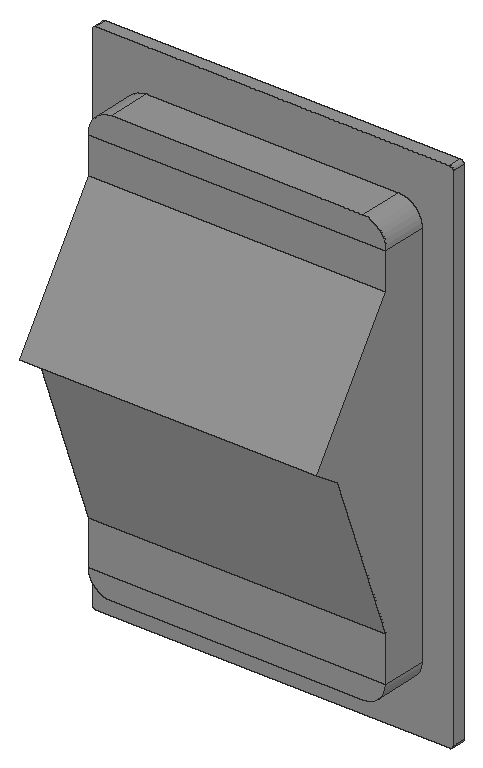
Revit family "L&L_LUCE&LIGHT_PASITO_MINI_1.1", category Lighting Fixtures, host Wall, Revit 2018 (continued)
Types (2, lengths in mm): name | built-in parameter 1150142 | Photometric Web File
    1 17.57 17.54 \r\n17.51 17.48 17.45 17.42 17.38 17.33 17.27 17.21 17.14 \r\n17.07 17.00 16.94 16.89 16.82 16.70 16.51 16.28 16.02 \r\n15.75 15.48 15.20 14.91 14.60 14.29 13.99 13.66 13.32 \r\n12.99 12.67 12.32 11.95 11.62 11.26 10.90 10.56 10.23 \r\n9.89 9.55 9.21 8.87 8.55 8.22 7.89 7.57 7.26 6.95 6.61 \r\n6.30 6.01 5.71 5.40 5.09 4.81 4.51 4.23 3.95 3.68 3.41 \r\n3.17 2.93 2.69 2.45 2.22 2.02 1.83 1.63 1.45 1.28 1.12 \r\n0.97 0.83 0.69 0.56 0.46 0.34 0.24 0.14 0.06 0.02 0.02 \r\n0.03 0.15 0.80 1.72 2.35 2.61 2.85 3.21 3.62 4.08 4.64 \r\n5.30 5.94 6.81 7.72 8.86 19.25 37.49 49.24 51.38 53.23 \r\n55.29 57.53 58.82 59.55 59.51 59.05 59.41 60.62 61.65 \r\n62.28 62.86 63.63 64.76 66.00 67.22 68.41 69.60 70.43 \r\n71.34 72.64 73.85 75.11 76.44 77.59 78.60 79.66 80.64 \r\n81.43 82.16 82.71 83.21 83.69 84.15 84.65 85.20 85.71 \r\n85.96 86.07 86.18 86.55 87.30 88.23 89.05 89.73 90.32 \r\n90.75 91.11 91.47 91.86 92.36 92.94 92.39 90.76 85.53 \r\n76.91 66.50 55.41 43.96 33.13 24.76 20.10 18.27 17.89 \r\n17.77 17.67 17.62 17.60 17.58 17.56 17.53 17.51 17.49 \r\n17.48 17.46 17.45 17.43 17.41 17.39 17.37 17.36 17.35 \r\n17.35 17.34 17.32 17.29 17.26 17.21 17.16 17.11 17.05 \r\n16.99 16.93 16.88 16.84 16.78 16.68 16.51 16.27 16.02 \r\n15.77 15.51 15.22 14.93 14.63 14.33 14.01 13.69 13.37 \r\n13.05 12.72 12.38 12.03 11.67 11.32 10.97 10.61 10.28 \r\n9.94 9.59 9.26 8.91 8.58 8.25 7.92 7.58 7.25 6.95 6.62 \r\n6.29 5.98 5.68 5.38 5.07 4.77 4.47 4.17 3.90 3.62 3.34 \r\n3.08 2.85 2.61 2.36 2.13 1.93 1.73 1.54 1.36 1.19 1.03 \r\n0.88 0.73 0.60 0.48 0.36 0.25 0.16 0.07 0.02 0.02 \r\n0.03 0.15 0.86 1.81 2.40 2.64 2.91 3.29 3.73 4.22 4.83 \r\n5.48 6.19 7.11 8.30 14.96 32.22 46.95 50.57 52.27 54.11 \r\n56.37 57.68 58.35 58.22 57.68 57.98 59.03 59.88 60.30 \r\n60.76 61.37 62.25 63.19 64.19 65.26 66.16 66.66 67.58 \r\n68.65 69.62 70.66 71.76 72.78 73.69 74.48 75.18 75.91 \r\n76.62 77.28 77.90 78.46 78.98 79.52 79.99 80.30 80.47 \r\n80.49 80.62 80.92 81.17 81.49 81.85 82.28 82.79 83.31 \r\n83.86 84.39 84.87 85.20 85.43 85.27 83.62 80.15 72.92 \r\n63.70 54.00 44.13 34.35 25.99 20.48 17.96 17.28 17.18 \r\n17.17 17.14 17.12 17.11 17.10 17.10 17.09 17.09 17.08 \r\n17.08 17.09 17.09 17.08 17.07 17.07 17.07 17.09 17.10 \r\n17.11 17.10 17.08 17.06 17.03 17.00 16.97 16.94 16.90 \r\n16.85 16.80 16.76 16.72 16.69 16.64 16.54 16.37 16.14 \r\n15.89 15.64 15.37 15.11 14.82 14.52 14.23 13.91 13.60 \r\n13.29 12.96 12.64 12.30 11.95 11.62 11.26 10.91 10.56 \r\n10.20 9.85 9.50 9.18 8.84 8.50 8.16 7.84 7.51 7.17 6.86 \r\n6.54 6.20 5.89 5.58 5.26 4.96 4.66 4.35 4.05 3.78 3.50 \r\n3.22 2.96 2.72 2.47 2.23 2.01 1.81 1.62 1.42 1.24 1.08 \r\n0.92 0.77 0.63 0.50 0.38 0.27 0.17 0.07 0.02 0.02 \r\n0.03 0.15 0.92 1.89 2.43 2.67 2.96 3.36 3.80 4.33 4.96 \r\n5.62 6.44 7.41 9.86 21.95 42.16 49.33 51.22 52.76 54.90 \r\n56.49 57.19 57.16 56.56 56.59 57.47 58.29 58.73 59.13 \r\n59.48 60.17 60.78 61.53 62.29 62.87 63.33 64.03 64.88 \r\n65.64 66.47 67.23 68.01 68.72 69.35 69.95 70.60 71.18 \r\n71.65 72.09 72.51 72.98 73.53 74.09 74.49 74.78 75.04 \r\n75.25 75.61 76.11 76.43 76.49 76.44 76.57 76.96 77.45 \r\n77.89 78.35 78.58 78.57 78.55 78.06 75.83 70.30 62.12 \r\n53.60 45.03 36.17 27.26 20.34 17.35 16.78 16.63 16.55 \r\n16.54 16.55 16.54 16.55 16.55 16.56 16.57 16.58 16.59 \r\n16.60 16.61 16.63 16.63 16.63 16.65 16.67 16.69 16.70 \r\n16.70 16.69 16.69 16.68 16.68 16.67 16.65 16.64 16.61 \r\n16.58 16.54 16.51 16.48 16.46 16.43 16.39 16.29 16.10 \r\n15.87 15.62 15.38 15.12 14.84 14.57 14.29 14.00 13.68 \r\n13.36 13.07 12.74 12.41 12.10 11.75 11.41 11.06 10.72 \r\n10.36 10.02 9.69 9.33 9.00 8.66 8.32 7.99 7.66 7.34 7.00 \r\n6.67 6.36 6.02 5.72 5.40 5.07 4.77 4.47 4.17 3.87 3.59 \r\n3.32 3.05 2.80 2.56 2.31 2.08 1.86 1.67 1.48 1.29 1.12 \r\n0.95 0.80 0.65 0.52 0.40 0.28 0.18 0.08 0.02 0.02 \r\n0.03 0.15 0.95 1.95 2.46 2.69 2.99 3.41 3.87 4.42 5.05 \r\n5.74 6.58 7.77 12.96 29.24 45.93 50.05 51.57 53.30 55.30 \r\n56.28 56.42 55.91 55.47 55.99 56.80 57.27 57.69 57.90 \r\n58.36 58.83 59.28 59.73 60.13 60.32 60.62 61.14 61.68 \r\n62.19 62.68 63.21 63.66 64.00 64.28 64.47 64.72 65.07 \r\n65.37 65.66 65.93 66.25 66.58 66.75 67.01 67.49 67.86 \r\n68.18 68.62 68.98 69.17 69.33 69.58 69.98 70.28 70.49 \r\n70.89 71.29 71.67 71.85 71.65 71.03 68.07 61.76 54.32 \r\n46.62 38.60 30.40 22.92 17.93 16.42 15.98 15.85 15.87 \r\n15.88 15.89 15.91 15.92 15.93 15.95 15.97 15.98 15.99 \r\n16.01 16.03 16.06 16.08 16.09 16.13 16.15 16.16 16.16 \r\n16.17 16.19 16.20 16.20 16.20 16.21 16.21 16.21 16.21 \r\n16.19 16.16 16.14 16.12 16.11 16.09 16.08 16.04 15.91 \r\n15.69 15.46 15.23 14.98 14.72 14.47 14.19 13.90 13.62 \r\n13.31 13.02 12.72 12.38 12.09 11.75 11.42 11.11 10.74 \r\n10.42 10.07 9.73 9.40 9.06 8.72 8.37 8.04 7.71 7.40 7.06 \r\n6.74 6.39 6.08 5.75 5.45 5.15 4.83 4.53 4.24 3.93 3.65 \r\n3.38 3.11 2.86 2.61 2.36 2.13 1.90 1.70 1.52 1.32 1.14 \r\n0.97 0.81 0.67 0.53 0.41 0.29 0.18 0.08 0.02 0.02 \r\n0.03 0.15 0.97 1.99 2.48 2.69 3.01 3.44 3.90 4.46 5.10 \r\n5.83 6.61 7.85 14.21 33.36 47.05 50.48 51.93 53.83 55.59 \r\n56.23 56.02 55.31 55.15 55.76 56.32 56.70 56.97 57.14 \r\n57.52 57.84 58.01 58.26 58.27 58.09 58.27 58.43 58.60 \r\n58.73 58.80 58.84 58.82 58.80 58.63 58.46 58.40 58.25 \r\n58.20 58.15 58.14 58.28 58.33 58.32 58.40 58.60 58.65 \r\n58.78 58.99 59.07 59.14 59.28 59.50 59.81 60.16 60.48 \r\n60.85 61.12 61.34 61.68 61.42 60.82 57.76 51.89 45.43 \r\n38.97 32.50 25.77 19.66 16.18 15.42 15.13 15.13 15.13 \r\n15.15 15.17 15.19 15.21 15.22 15.24 15.26 15.28 15.29 \r\n15.32 15.34 15.37 15.40 15.43 15.47 15.48 15.50 15.52 \r\n15.54 15.57 15.59 15.61 15.62 15.64 15.66 15.67 15.68 \r\n15.67 15.66 15.65 15.64 15.64 15.64 15.64 15.63 15.56 \r\n15.39 15.16 14.94 14.71 14.46 14.21 13.96 13.68 13.42 \r\n13.13 12.82 12.56 12.24 11.95 11.65 11.30 11.00 10.66 \r\n10.34 10.01 9.65 9.34 9.00 8.68 8.34 8.01 7.68 7.36 7.05 \r\n6.73 6.41 6.08 5.78 5.47 5.17 4.88 4.57 4.28 3.98 3.70 \r\n3.42 3.15 2.90 2.64 2.39 2.17 1.93 1.73 1.54 1.35 1.16 \r\n0.99 0.83 0.68 0.54 0.42 0.30 0.19 0.08 0.02 0.02 \r\n0.03 0.14 0.98 2.00 2.48 2.69 3.01 3.44 3.91 4.46 5.10 \r\n5.85 6.60 7.78 13.21 35.08 47.63 50.75 52.28 54.23 56.04 \r\n56.54 56.25 55.44 55.49 56.06 56.51 56.89 57.13 57.27 \r\n57.59 57.80 57.80 57.98 57.53 57.38 57.28 57.11 56.98 \r\n56.69 56.26 55.75 55.27 54.81 54.28 53.67 52.99 52.43 \r\n51.88 51.24 50.72 50.38 49.92 49.31 48.90 48.43 48.04 \r\n47.90 47.91 47.99 48.09 48.24 48.48 48.85 49.26 49.73 \r\n50.20 50.47 50.75 51.04 50.96 50.37 47.71 42.86 37.65 \r\n32.36 27.32 22.28 17.69 15.09 14.48 14.33 14.35 14.35 \r\n14.38 14.40 14.42 14.44 14.46 14.47 14.50 14.51 14.53 \r\n14.56 14.59 14.62 14.66 14.69 14.71 14.74 14.77 14.79 \r\n14.83 14.87 14.90 14.94 14.97 14.99 15.01 15.04 15.07 \r\n15.09 15.10 15.10 15.11 15.11 15.11 15.12 15.13 15.11 \r\n14.99 14.78 14.57 14.38 14.15 13.91 13.69 13.44 13.18 \r\n12.93 12.64 12.37 12.09 11.80 11.52 11.20 10.90 10.60 \r\n10.24 9.97 9.62 9.30 8.97 8.66 8.36 8.01 7.71 7.37 7.08 \r\n6.76 6.45 6.14 5.80 5.51 5.19 4.91 4.62 4.30 4.01 3.73 \r\n3.45 3.18 2.92 2.67 2.40 2.18 1.95 1.74 1.56 1.36 1.18 \r\n1.00 0.83 0.69 0.54 0.42 0.30 0.19 0.08 0.02 0.02 \r\n0.03 0.14 0.97 2.00 2.48 2.68 2.99 3.43 3.89 4.42 5.05 \r\n5.80 6.52 7.60 10.82 34.20 47.64 50.87 52.52 54.41 56.54 \r\n57.08 56.89 55.97 56.08 56.62 57.10 57.54 57.88 57.99 \r\n58.25 58.57 58.49 58.69 58.18 58.01 57.84 57.56 57.36 \r\n57.08 56.60 56.02 55.39 54.90 54.03 52.98 52.06 51.28 \r\n50.67 49.85 48.76 47.62 46.85 46.24 45.85 45.82 45.40 \r\n45.06 44.76 44.55 44.77 45.11 45.08 45.15 45.34 45.47 \r\n45.67 45.87 46.05 46.42 46.79 46.81 45.46 41.08 36.45 \r\n31.48 27.30 22.58 18.37 15.28 14.56 14.26 14.26 14.28 \r\n14.30 14.33 14.35 14.37 14.39 14.42 14.33 14.53 14.57 \r\n14.60 14.64 14.68 14.72 14.75 14.78 14.81 14.84 14.88 \r\n14.92 14.96 15.00 15.04 15.07 15.11 15.15 15.17 15.20 \r\n15.22 15.22 15.24 15.25 15.27 15.29 15.31 15.33 15.30 \r\n15.14 14.92 14.72 14.52 14.26 14.05 13.82 13.54 13.29 \r\n13.04 12.72 12.48 12.20 11.88 11.64 11.26 11.00 10.66 \r\n10.33 10.06 9.66 9.42 9.01 8.74 8.41 8.06 7.74 7.43 7.12 \r\n6.82 6.48 6.19 5.82 5.54 5.21 4.92 4.64 4.32 4.02 3.75 \r\n3.47 3.19 2.93 2.68 2.40 2.19 1.96 1.74 1.56 1.36 1.18 \r\n1.01 0.83 0.69 0.54 0.43 0.30 0.19 0.08 0.02 0.02 \r\n0.03 0.14 0.98 2.00 2.48 2.69 3.01 3.44 3.91 4.46 5.10 \r\n5.85 6.60 7.78 13.21 35.08 47.63 50.75 52.28 54.23 56.04 \r\n56.54 56.25 55.44 55.49 56.06 56.51 56.89 57.13 57.27 \r\n57.59 57.80 57.80 57.98 57.53 57.38 57.28 57.11 56.98 \r\n56.69 56.26 55.75 55.27 54.81 54.28 53.67 52.99 52.43 \r\n51.88 51.24 50.72 50.38 49.92 49.31 48.90 48.43 48.04 \r\n47.90 47.91 47.99 48.09 48.24 48.48 48.85 49.26 49.73 \r\n50.20 50.47 50.75 51.04 50.96 50.37 47.71 42.86 37.65 \r\n32.36 27.32 22.28 17.69 15.09 14.48 14.33 14.35 14.35 \r\n14.38 14.40 14.42 14.44 14.46 14.47 14.50 14.51 14.53 \r\n14.56 14.59 14.62 14.66 14.69 14.71 14.74 14.77 14.79 \r\n14.83 14.87 14.90 14.94 14.97 14.99 15.01 15.04 15.07 \r\n15.09 15.10 15.10 15.11 15.11 15.11 15.12 15.13 15.11 \r\n14.99 14.78 14.57 14.38 14.15 13.91 13.69 13.44 13.18 \r\n12.93 12.64 12.37 12.09 11.80 11.52 11.20 10.90 10.60 \r\n10.24 9.97 9.62 9.30 8.97 8.66 8.36 8.01 7.71 7.37 7.08 \r\n6.76 6.45 6.14 5.80 5.51 5.19 4.91 4.62 4.30 4.01 3.73 \r\n3.45 3.18 2.92 2.67 2.40 2.18 1.95 1.74 1.56 1.36 1.18 \r\n1.00 0.83 0.69 0.54 0.42 0.30 0.19 0.08 0.02 0.02 \r\n0.03 0.15 0.97 1.99 2.48 2.69 3.01 3.44 3.90 4.46 5.10 \r\n5.83 6.61 7.85 14.21 33.36 47.05 50.48 51.93 53.83 55.59 \r\n56.23 56.02 55.31 55.15 55.76 56.32 56.70 56.97 57.14 \r\n57.52 57.84 58.01 58.26 58.27 58.09 58.27 58.43 58.60 \r\n58.73 58.80 58.84 58.82 58.80 58.63 58.46 58.40 58.25 \r\n58.20 58.15 58.14 58.28 58.33 58.32 58.40 58.60 58.65 \r\n58.78 58.99 59.07 59.14 59.28 59.50 59.81 60.16 60.48 \r\n60.85 61.12 61.34 61.68 61.42 60.82 57.76 51.89 45.43 \r\n38.97 32.50 25.77 19.66 16.18 15.42 15.13 15.13 15.13 \r\n15.15 15.17 15.19 15.21 15.22 15.24 15.26 15.28 15.29 \r\n15.32 15.34 15.37 15.40 15.43 15.47 15.48 15.50 15.52 \r\n15.54 15.57 15.59 15.61 15.62 15.64 15.66 15.67 15.68 \r\n15.67 15.66 15.65 15.64 15.64 15.64 15.64 15.63 15.56 \r\n15.39 15.16 14.94 14.71 14.46 14.21 13.96 13.68 13.42 \r\n13.13 12.82 12.56 12.24 11.95 11.65 11.30 11.00 10.66 \r\n10.34 10.01 9.65 9.34 9.00 8.68 8.34 8.01 7.68 7.36 7.05 \r\n6.73 6.41 6.08 5.78 5.47 5.17 4.88 4.57 4.28 3.98 3.70 \r\n3.42 3.15 2.90 2.64 2.39 2.17 1.93 1.73 1.54 1.35 1.16 \r\n0.99 0.83 0.68 0.54 0.42 0.30 0.19 0.08 0.02 0.02 \r\n0.03 0.15 0.95 1.95 2.46 2.69 2.99 3.41 3.87 4.42 5.05 \r\n5.74 6.58 7.77 12.96 29.24 45.93 50.05 51.57 53.30 55.30 \r\n56.28 56.42 55.91 55.47 55.99 56.80 57.27 57.69 57.90 \r\n58.36 58.83 59.28 59.73 60.13 60.32 60.62 61.14 61.68 \r\n62.19 62.68 63.21 63.66 64.00 64.28 64.47 64.72 65.07 \r\n65.37 65.66 65.93 66.25 66.58 66.75 67.01 67.49 67.86 \r\n68.18 68.62 68.98 69.17 69.33 69.58 69.98 70.28 70.49 \r\n70.89 71.29 71.67 71.85 71.65 71.03 68.07 61.76 54.32 \r\n46.62 38.60 30.40 22.92 17.93 16.42 15.98 15.85 15.87 \r\n15.88 15.89 15.91 15.92 15.93 15.95 15.97 15.98 15.99 \r\n16.01 16.03 16.06 16.08 16.09 16.13 16.15 16.16 16.16 \r\n16.17 16.19 16.20 16.20 16.20 16.21 16.21 16.21 16.21 \r\n16.19 16.16 16.14 16.12 16.11 16.09 16.08 16.04 15.91 \r\n15.69 15.46 15.23 14.98 14.72 14.47 14.19 13.90 13.62 \r\n13.31 13.02 12.72 12.38 12.09 11.75 11.42 11.11 10.74 \r\n10.42 10.07 9.73 9.40 9.06 8.72 8.37 8.04 7.71 7.40 7.06 \r\n6.74 6.39 6.08 5.75 5.45 5.15 4.83 4.53 4.24 3.93 3.65 \r\n3.38 3.11 2.86 2.61 2.36 2.13 1.90 1.70 1.52 1.32 1.14 \r\n0.97 0.81 0.67 0.53 0.41 0.29 0.18 0.08 0.02 0.02 \r\n0.03 0.15 0.92 1.89 2.43 2.67 2.96 3.36 3.80 4.33 4.96 \r\n5.62 6.44 7.41 9.86 21.95 42.16 49.33 51.22 52.76 54.90 \r\n56.49 57.19 57.16 56.56 56.59 57.47 58.29 58.73 59.13 \r\n59.48 60.17 60.78 61.53 62.29 62.87 63.33 64.03 64.88 \r\n65.64 66.47 67.23 68.01 68.72 69.35 69.95 70.60 71.18 \r\n71.65 72.09 72.51 72.98 73.53 74.09 74.49 74.78 75.04 \r\n75.25 75.61 76.11 76.43 76.49 76.44 76.57 76.96 77.45 \r\n77.89 78.35 78.58 78.57 78.55 78.06 75.83 70.30 62.12 \r\n53.60 45.03 36.17 27.26 20.34 17.35 16.78 16.63 16.55 \r\n16.54 16.55 16.54 16.55 16.55 16.56 16.57 16.58 16.59 \r\n16.60 16.61 16.63 16.63 16.63 16.65 16.67 16.69 16.70 \r\n16.70 16.69 16.69 16.68 16.68 16.67 16.65 16.64 16.61 \r\n16.58 16.54 16.51 16.48 16.46 16.43 16.39 16.29 16.10 \r\n15.87 15.62 15.38 15.12 14.84 14.57 14.29 14.00 13.68 \r\n13.36 13.07 12.74 12.41 12.10 11.75 11.41 11.06 10.72 \r\n10.36 10.02 9.69 9.33 9.00 8.66 8.32 7.99 7.66 7.34 7.00 \r\n6.67 6.36 6.02 5.72 5.40 5.07 4.77 4.47 4.17 3.87 3.59 \r\n3.32 3.05 2.80 2.56 2.31 2.08 1.86 1.67 1.48 1.29 1.12 \r\n0.95 0.80 0.65 0.52 0.40 0.28 0.18 0.08 0.02 0.02 \r\n0.03 0.15 0.86 1.81 2.40 2.64 2.91 3.29 3.73 4.22 4.83 \r\n5.48 6.19 7.11 8.30 14.96 32.22 46.95 50.57 52.27 54.11 \r\n56.37 57.68 58.35 58.22 57.68 57.98 59.03 59.88 60.30 \r\n60.76 61.37 62.25 63.19 64.19 65.26 66.16 66.66 67.58 \r\n68.65 69.62 70.66 71.76 72.78 73.69 74.48 75.18 75.91 \r\n76.62 77.28 77.90 78.46 78.98 79.52 79.99 80.30 80.47 \r\n80.49 80.62 80.92 81.17 81.49 81.85 82.28 82.79 83.31 \r\n83.86 84.39 84.87 85.20 85.43 85.27 83.62 80.15 72.92 \r\n63.70 54.00 44.13 34.35 25.99 20.48 17.96 17.28 17.18 \r\n17.17 17.14 17.12 17.11 17.10 17.10 17.09 17.09 17.08 \r\n17.08 17.09 17.09 17.08 17.07 17.07 17.07 17.09 17.10 \r\n17.11 17.10 17.08 17.06 17.03 17.00 16.97 16.94 16.90 \r\n16.85 16.80 16.76 16.72 16.69 16.64 16.54 16.37 16.14 \r\n15.89 15.64 15.37 15.11 14.82 14.52 14.23 13.91 13.60 \r\n13.29 12.96 12.64 12.30 11.95 11.62 11.26 10.91 10.56 \r\n10.20 9.85 9.50 9.18 8.84 8.50 8.16 7.84 7.51 7.17 6.86 \r\n6.54 6.20 5.89 5.58 5.26 4.96 4.66 4.35 4.05 3.78 3.50 \r\n3.22 2.96 2.72 2.47 2.23 2.01 1.81 1.62 1.42 1.24 1.08 \r\n0.92 0.77 0.63 0.50 0.38 0.27 0.17 0.07 0.02 0.02 \r\n0.03 0.15 0.80 1.72 2.35 2.61 2.85 3.21 3.62 4.08 4.64 \r\n5.30 5.94 6.81 7.72 8.86 19.25 37.49 49.24 51.38 53.23 \r\n55.29 57.53 58.82 59.55 59.51 59.05 59.41 60.62 61.65 \r\n62.28 62.86 63.63 64.76 66.00 67.22 68.41 69.60 70.43 \r\n71.34 72.64 73.85 75.11 76.44 77.59 78.60 79.66 80.64 \r\n81.43 82.16 82.71 83.21 83.69 84.15 84.65 85.20 85.71 \r\n85.96 86.07 86.18 86.55 87.30 88.23 89.05 89.73 90.32 \r\n90.75 91.11 91.47 91.86 92.36 92.94 92.39 90.76 85.53 \r\n76.91 66.50 55.41 43.96 33.13 24.76 20.10 18.27 17.89 \r\n17.77 17.67 17.62 17.60 17.58 17.56 17.53 17.51 17.49 \r\n17.48 17.46 17.45 17.43 17.41 17.39 17.37 17.36 17.35 \r\n17.35 17.34 17.32 17.29 17.26 17.21 17.16 17.11 17.05 \r\n16.99 16.93 16.88 16.84 16.78 16.68 16.51 16.27 16.02 \r\n15.77 15.51 15.22 14.93 14.63 14.33 14.01 13.69 13.37 \r\n13.05 12.72 12.38 12.03 11.67 11.32 10.97 10.61 10.28 \r\n9.94 9.59 9.26 8.91 8.58 8.25 7.92 7.58 7.25 6.95 6.62 \r\n6.29 5.98 5.68 5.38 5.07 4.77 4.47 4.17 3.90 3.62 3.34 \r\n3.08 2.85 2.61 2.36 2.13 1.93 1.73 1.54 1.36 1.19 1.03 \r\n0.88 0.73 0.60 0.48 0.36 0.25 0.16 0.07 0.02 0.02 \r\n0.03 0.15 0.72 1.60 2.26 2.56 2.78 3.10 3.50 3.93 4.43 \r\n5.04 5.72 6.38 7.37 8.31 9.94 21.17 38.92 49.79 52.02 \r\n53.90 56.07 58.41 60.03 60.84 61.21 60.91 61.16 62.40 \r\n63.83 64.82 65.73 66.64 67.84 69.30 70.67 71.92 73.33 \r\n74.70 75.52 76.84 78.41 79.74 81.19 82.60 83.81 84.94 \r\n85.96 86.86 87.58 88.26 88.88 89.51 90.23 90.87 91.48 \r\n92.18 92.90 93.68 94.50 95.31 96.10 96.93 97.69 98.39 \r\n99.14 99.89 100.51 100.94 101.29 101.69 101.82 100.69 \r\n98.46 92.35 82.81 71.08 58.34 45.42 33.64 24.54 20.85 \r\n19.55 18.44 18.12 18.06 18.01 17.96 17.92 17.88 17.86 \r\n17.82 17.78 17.74 17.71 17.68 17.65 17.61 17.57 17.54 \r\n17.51 17.48 17.45 17.42 17.38 17.33 17.27 17.21 17.14 \r\n17.07 17.00 16.94 16.89 16.82 16.70 16.51 16.28 16.02 \r\n15.75 15.48 15.20 14.91 14.60 14.29 13.99 13.66 13.32 \r\n12.99 12.67 12.32 11.95 11.62 11.26 10.90 10.56 10.23 \r\n9.89 9.55 9.21 8.87 8.55 8.22 7.89 7.57 7.26 6.95 6.61 \r\n6.30 6.01 5.71 5.40 5.09 4.81 4.51 4.23 3.95 3.68 3.41 \r\n3.17 2.93 2.69 2.45 2.22 2.02 1.83 1.63 1.45 1.28 1.12 \r\n0.97 0.83 0.69 0.56 0.46 0.34 0.24 0.14 0.06 0.02 0.02 \r\n0.03 0.14 0.62 1.45 2.16 2.50 2.71 2.98 3.35 3.77 4.22 \r\n4.75 5.39 6.06 6.74 7.75 8.64 10.24 20.49 37.14 48.94 \r\n52.58 54.40 56.55 59.05 61.28 62.58 63.29 63.60 63.83 \r\n64.84 66.57 68.23 69.54 70.69 71.83 73.39 75.07 76.61 \r\n78.19 79.88 81.24 82.18 83.50 85.13 86.65 88.20 89.71 \r\n91.11 92.48 93.80 94.93 95.92 96.84 97.68 98.50 99.35 \r\n100.25 101.18 102.23 103.44 104.60 105.66 106.77 107.93 \r\n109.09 110.27 111.54 112.87 114.08 115.10 115.88 116.30 \r\n116.04 114.38 110.15 102.67 92.01 78.82 64.53 50.55 38.21 \r\n28.45 21.76 19.30 18.92 18.58 18.31 18.24 18.17 18.10 \r\n18.02 17.98 1
